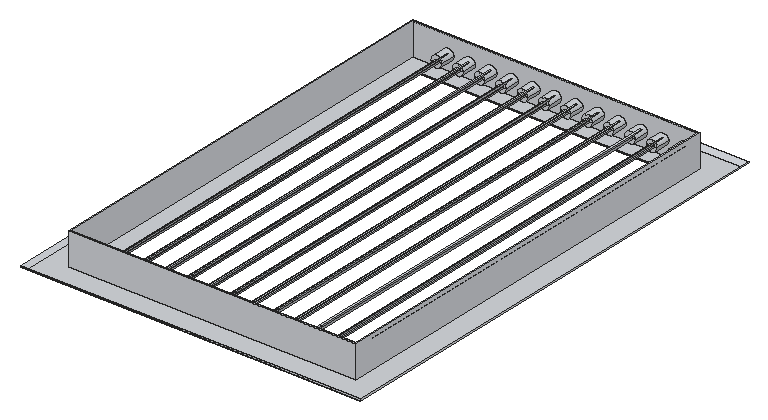
Revit family "GFFD", category Air Terminals, Revit 2012
Parameters
  URL = "http://www.innes.com.mx"
  Mínima velocidad de cuello = 0 FPM
  Mínima presión estática = 0.00 in-wg
  Máximo nivel de ruido (NC) = ""
  Máxima velocidad de cuello = 0 FPM
  Máxima presión estática = 0.00 in-wg
  Material = ""
  Manufacturer = "INNES"
  Horizontal = 15"
  Largo rejilla = Horizontal - 1" / 16  # 14 15/16"
  Vertical = 10"
  Cuello = ""
  Cantidad de holes = Vertical / (3" / 4) - 1  # 12
Reference planes (in)
  plane 1 "Center (Front/Back)": y = 0
  plane 2: z = 0
  plane 3 "Center (Left/Right)": x = 0
  plane 4: x = -5
  plane 5: x = 5
  plane 6 "Top 2": y = 7.5
  plane 7: y = -7.5
  plane 8: y = 8.4375
  plane 9: x = 4.5
  plane 10: z = 0.5
  plane 11: x = 3.75
Forms (in)
  Sweep 1, solid
    path origin (0, -1.5, 0) x (1, 0, 0) y (0, 1, 0)
      loop
        line (-5, 9) -> (-5, -6) -> (5, -6) -> (5, 9) -> (-5, 9)
    profile origin (0, 7.5, 0) x (0, 1, 0) y (0, 0, 1)
      loop
        line (0, 0) -> (0, 1.125) -> (-0.03125, 1.125) -> (-0.03125, 0) -> (-0.61239, 0) -> (-0.61239, -0.03125) -> (0.7959, -0.03125) -> (0.9375, 0.08757) -> (0.9375, 0.1258) -> (0.78758, 0) -> (0, 0)
Dimensions and locks (in)
  equal spacing: plane 6 "Top 2", plane 1 "Center (Front/Back)", plane 7
  equal spacing: plane 4, plane 3 "Center (Left/Right)", plane 5
  profile plane to Sweep 1 sketch curve = 1/32"  (x2)
  Sweep 1 sketch curve to Sweep 1 sketch curve = 1 5/32"
  Sweep 1 sketch curve to Sweep 1 sketch curve = 0.02929"
  "Vertical": plane 4 to plane 5
  "Horizontal": plane 6 "Top 2" to plane 7
  locked: plane 8 to plane 6 "Top 2" at 0.9375
  plane 5 to plane 9 = 1/2"
  plane 10 to level = 1/2"
  plane 9 to plane 11 = 3/4"
  equal spacing: group 12, group 11, group 10, group 9, group 8, group 7, group 6, group 5, group 4, group 3, group 2, group 1
  equal spacing: group 1, group 2, group 3, group 4, group 5, group 6, group 7, group 8, group 9, group 10, group 11, group 12  (x2)
  aligned and locked: plane 2 to level
  aligned and locked: Sweep 1 sketch curve to plane 6 "Top 2"
  aligned and locked: plane 7 to Sweep 1 sketch curve
  aligned and locked: Sweep 1 sketch curve to plane 5
  aligned and locked: plane 4 to Sweep 1 sketch curve
  aligned and locked: plane 8 to Sweep 1 sketch curve
  aligned and locked: Sweep 1 to nested 1  (x2)
  aligned and locked: nested 1 to plane 10
  aligned and locked: nested 1 to plane 9
  aligned and locked: Sweep 1 to nested 2  (x2)
  aligned and locked: nested 2 to plane 11
  aligned and locked: nested 2 to plane 10
Automatic sketch dimensions
  Sweep 1 sketch curve to level = 0"  (x2)
  Sweep 1 sketch curve to profile plane = 0"
  Sweep 1 sketch curve to Sweep 1 sketch curve = 0.58114"
  Sweep 1 sketch curve to Sweep 1 sketch curve = 0.00832"
  level to Sweep 1 sketch curve = 0.08757"
Nested families (in)
  nested 1: "Rejilla GFFD" at (4.5, 7.46875, 0.5) x (0, -1, 0) z (0, 0, 1), type "Rejilla GFFD"
    with Largo barra 14 15/16"
  nested 2: "Rejilla GFFD" at (3.75, 7.46875, 0.5) x (0, -1, 0) z (0, 0, 1), type "Rejilla GFFD"
    with Largo barra 14 15/16"
  nested 3: "Rejilla GFFD" at (3, 7.46875, 0.5) x (0, -1, 0) z (0, 0, 1), type "Rejilla GFFD"
    with Largo barra 14 15/16"
  nested 4: "Rejilla GFFD" at (2.25, 7.46875, 0.5) x (0, -1, 0) z (0, 0, 1), type "Rejilla GFFD"
    with Largo barra 14 15/16"
  nested 5: "Rejilla GFFD" at (1.5, 7.46875, 0.5) x (0, -1, 0) z (0, 0, 1), type "Rejilla GFFD"
    with Largo barra 14 15/16"
  nested 6: "Rejilla GFFD" at (0.75, 7.46875, 0.5) x (0, -1, 0) z (0, 0, 1), type "Rejilla GFFD"
    with Largo barra 14 15/16"
  nested 7: "Rejilla GFFD" at (0, 7.46875, 0.5) x (0, -1, 0) z (0, 0, 1), type "Rejilla GFFD"
    with Largo barra 14 15/16"
  nested 8: "Rejilla GFFD" at (-0.75, 7.46875, 0.5) x (0, -1, 0) z (0, 0, 1), type "Rejilla GFFD"
    with Largo barra 14 15/16"
  nested 9: "Rejilla GFFD" at (-1.5, 7.46875, 0.5) x (0, -1, 0) z (0, 0, 1), type "Rejilla GFFD"
    with Largo barra 14 15/16"
  nested 10: "Rejilla GFFD" at (-2.25, 7.46875, 0.5) x (0, -1, 0) z (0, 0, 1), type "Rejilla GFFD"
    with Largo barra 14 15/16"
  nested 11: "Rejilla GFFD" at (-3, 7.46875, 0.5) x (0, -1, 0) z (0, 0, 1), type "Rejilla GFFD"
    with Largo barra 14 15/16"
  nested 12: "Rejilla GFFD" at (-3.75, 7.46875, 0.5) x (0, -1, 0) z (0, 0, 1), type "Rejilla GFFD"
    with Largo barra 14 15/16"
Connectors (in)
  hvac at (0, 0, 1.125), driven by "Horizontal", driven by "Vertical"
    settings: on Sweep 1, index 1, duct flow 0 CFM, flow factor 0, pres drop 0.00 in-wg, loss coef 0, conn angle 0.00°, conn width 10", conn height 15", conn radius 12", duct sys type 1, conn prof type 1, flow config 0, flow direction 0, loss method 0, conn ref index -1, conn util no, is conn primary yes, conn desc ""
Definition of nested family "Rejilla GFFD"
  Parameters (values of type "Rejilla GFFD")
    Largo barra = 9 15/16"
  Reference planes (in)
    plane 1 "Center (Front/Back)": y = 0
    plane 2: z = 0
    plane 3 "Center (Left/Right)": x = 0
    plane 4: z = 0.375
    plane 5 "F2": x = 0.5
    plane 6: x = 9.9375
    plane 7: x = 9.4375
  Forms (in)
    Revolve 1, solid
      sketch origin (0, 0, 0) x (1, 0, 0) y (0, 1, 0)
        loop
          line (0, 0) -> (9.9375, 0) -> (9.9375, 0.1875) -> (9.4375, 0.1875) -> (9.4375, 0.0625) -> (0.5, 0.0625) -> (0.5, 0.1875) -> (0, 0.1875) -> (0, 0)
        axis (0, 0) -> (9.9375, 0)
      angle from 0 to 360
    Extrusion 2, solid
      sketch origin (0.5, 0, 0) x (0, 1, 0) y (0, 0, 1)
        loop
          line (-0.03717, 0) -> (0.00943, 0) -> (0.38443, 0.375) -> (0.33783, 0.375) -> (-0.03717, 0)
      from 0 to 8.9375
  Dimensions and locks (in)
    Revolve 1 sketch curve to Revolve 1 sketch curve = 1/2"
    plane 1 "Center (Front/Back)" to Revolve 1 sketch curve = 3/16"  (x2)
    plane 1 "Center (Front/Back)" to Revolve 1 sketch curve = 1/16"
    plane 4 to level = 3/8"
    locked: plane 3 "Center (Left/Right)" to plane 5 "F2" at 0.5
    "Largo barra": plane 3 "Center (Left/Right)" to plane 6
    locked: plane 7 to plane 6 at 0.5
    aligned and locked: plane 2 to level
    aligned and locked: Extrusion 2 to Revolve 1
    aligned and locked: Revolve 1 sketch curve to plane 6
    aligned and locked: plane 7 to Revolve 1 sketch curve
  Automatic sketch dimensions
    Extrusion 2 sketch curve to level = 0"
    Extrusion 2 sketch curve to plane 4 = 0"
    plane 1 "Center (Front/Back)" to Extrusion 2 sketch curve = 0.03717"
    Extrusion 2 sketch curve to plane 1 "Center (Front/Back)" = 0.00943"
    Extrusion 2 sketch curve to plane 1 "Center (Front/Back)" = 0.33783"
    Extrusion 2 sketch curve to Extrusion 2 sketch curve = 0.0466"
    plane 1 "Center (Front/Back)" to Revolve 1 sketch curve = 0"  (x2)
    Revolve 1 sketch curve to plane 3 "Center (Left/Right)" = 0"
    Revolve 1 sketch curve to Revolve 1 sketch curve = 0.18102"
    Revolve 1 sketch curve to Revolve 1 sketch curve = 0.09368"
